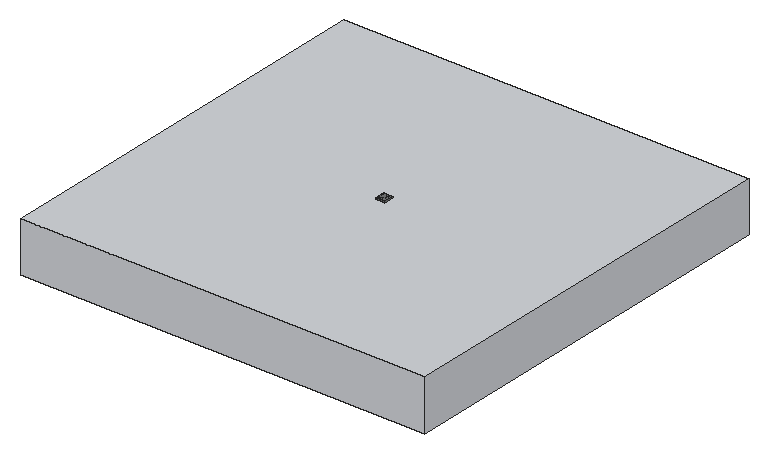
Revit family "Gira_065201", category Elektroinstallationen, Revit 2017
Family settings
  Basisbauteil = Fläche
  Beschriftungsausrichtung beibehalten = Nein
  Bemaßung runder Anschluss = Durchmesser verwenden
  Teiletyp = Normal
  Beim Laden mit Abzugskörper schneiden = Nein
  Gemeinsam genutzt = Nein
  Raumberechnungspunkt = Nein
Parameters
  With strain relief = no
  With label area = no
  With imprint = no
  With hinged lid = no
  With exchangeable lens/symbol = no
  With dust cover = no
  Utilization = "Other"
  URL = "https://www.gira.de/"
  Typname = "Cov. knob speed regul. System 55 cr.white"
  Type of fastening = "Screw mounting"
  Transparent = no
  Surface protection = "Other"
  Surface finishing = "Glossy"
  Support ring = no
  Suitable for touch sensor connector for bus system = no
  Suitable for degree of protection (IP) = "IP20"
  Scannable symbol / barrier free = no
  RAL-number (akin) = 1013
  Productwebsite = "http://katalog.gira.de/en/datenblatt.html?artikelnr=065201"
  Mounting method = "Flush mounted (plaster)"
  Monitoring window/light outlet = no
  Model = "Turn button"
  Material quality = "Thermoplastic"
  Material = "Plastic"
  Luster terminal = no
  Imprintable label = "Without indication field"
  Imprint/indication = "Symbol \"rotational speed\""
  Hersteller = "Gira"
  Halogen free = yes
  HAN = "065201"
  GTIN = "4010337652014"
  Data sheet = "https://katalog.gira.de/en/download.html?artikelnr=065201"
  Colour = "Cream white (electro white)"
  Beschreibung = "Cov.knob speed reg. Sys55 CW,Cover with knob for speed regulator,,cream white glossy,"
  Keynote = ""
  Default Elevation = 1219.2 mm
  BIM = "https://media.stage.bim.site/public/gira/ad86d9f/Sys55_Abdeckung_Schalten%20und%20Tasten.rfa?public/gira/ad86d9f/Sys55_Abdeckung_Schalten und Tasten.rfa"
  Assembly arrangement = "Central cover plate"
  Anthrazit [instance] = Anthrazit
Reference planes
  plane 1 "Center (Front/Back)": y = 0
  plane 2: z = 0
  plane 3 "Center (Left/Right)": x = 0
Forms (mm)
  Extrusion 1, solid
    sketch origin (0, 0, 0) x (1, 0, 0) y (0, 1, 0)
      loop
        line (-1219.2, 1219.2) -> (-1219.2, -1219.2) -> (1219.2, -1219.2) -> (1219.2, 1219.2) -> (-1219.2, 1219.2)
    from 0 to -304.8
  Extrusion 2, solid, material "Anthrazit" <- "Anthrazit", detail levels fine
    sketch origin (0, 0, 0) x (1, 0, 0) y (0, 1, 0)
      loop
        line (-27.5, 27.5) -> (-27.5, -27.5) -> (27.5, -27.5) -> (27.5, 27.5) -> (-27.5, 27.5)
    from 0 to 8
  Extrusion 3, void
    sketch origin (0, 0, 0) x (1, 0, 0) y (0, 1, 0)
      loop
        line (26, 26) -> (-26, 26) -> (-26, -26) -> (26, -26) -> (26, 26)
    from 0 to 6
  Extrusion 4, solid, material "Anthrazit" <- "Anthrazit", detail levels medium
    sketch origin (0, 0, 0) x (1, 0, 0) y (0, 1, 0)
      loop
        line (-27.5, 27.5) -> (-27.5, -27.5) -> (27.5, -27.5) -> (27.5, 27.5) -> (-27.5, 27.5)
    from 0 to 8
  Extrusion 5, solid, material "Anthrazit" <- "Anthrazit", detail levels medium
    sketch origin (0, 0, 0) x (1, 0, 0) y (0, 1, 0)
      loop
        line (11, -17.5) -> (11, 17.5) -> (-11, 17.5) -> (-11, -17.5) -> (11, -17.5)
    from -6 to 6
  Extrusion 6, solid, material "Anthrazit" <- "Anthrazit", detail levels fine
    sketch origin (0, 0, 0) x (1, 0, 0) y (0, 1, 0)
      loop
        line (11, 17.5) -> (-11, 17.5) -> (-11, 16.5) -> (11, 16.5) -> (11, 17.5)
      loop
        line (-11, -16.5) -> (-11, -17.5) -> (11, -17.5) -> (11, -16.5) -> (-11, -16.5)
    from -4 to 6
  Extrusion 7, solid, material "Anthrazit" <- "Anthrazit", detail levels fine
    sketch origin (0, 0, 0) x (1, 0, 0) y (0, 1, 0)
      loop
        arc (5, 9.347) -> (0, 10.6) -> (-5, 9.347) r 10.6
        line (-5, 9.347) -> (-5, -9.347)
        arc (-5, -9.347) -> (0, -10.6) -> (5, -9.347) r 10.6
        line (5, -9.347) -> (5, 9.347)
    from -6 to 6
  Extrusion 8, solid, material "Anthrazit" <- "Anthrazit", detail levels coarse
    sketch origin (0, 0, 0) x (1, 0, 0) y (0, 1, 0)
      loop
        line (-27.5, 27.5) -> (-27.5, -27.5) -> (27.5, -27.5) -> (27.5, 27.5) -> (-27.5, 27.5)
    from -6 to 8
Cuts and joins
  Extrusion 3 cuts Extrusion 2
Dimensions and locks
  aligned and locked: plane 2 to Extrusion 1
  aligned and locked: level to Extrusion 1
